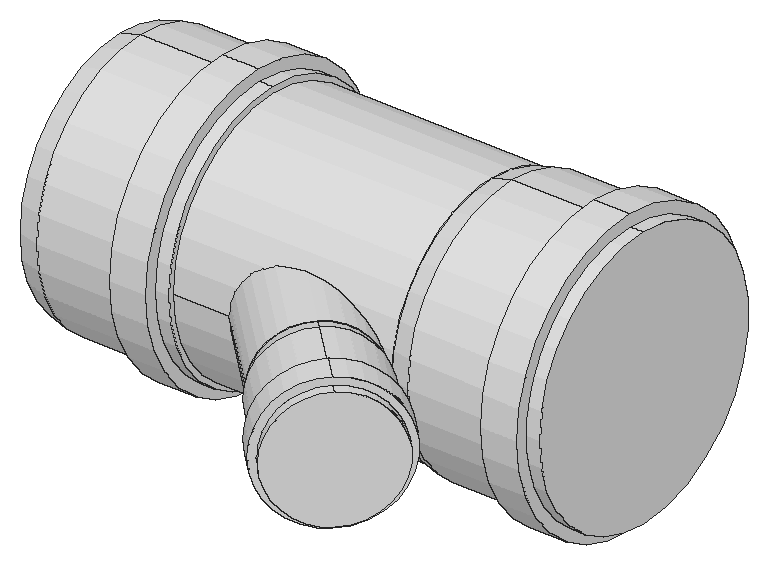
Revit family "Redi_Фитинг_ПВХ_Тройник.rfa", category Соединительные детали трубопроводов, Revit 2019
Family settings
  Размер круглого соединителя = Использовать диаметр
  Тип детали = Тройник
  На основе рабочей плоскости = Нет
  Всегда вертикально = Да
  При загрузке вырезать с полостями = Нет
  Общий = Нет
Parameters (values of type "Redi")
  Усиленный [instance] = no
  Угол [instance] = 45.00°
  Типовой = no
  Раструб Длина [instance] = size_lookup(Поиск в таблице имен, "LR1", ADSK_Диаметр условный * 2, ADSK_Диаметр условный, Диаметр условный 1, ADSK_Угол)  # 55.6 mm
  Раструб Видимость 1.2 [instance] = and(not(Угол > 90.00°), Раструб Подводящий)  # yes
  Раструб Видимость 2.2 [instance] = and(Угол > 90.00°, Раструб Подводящий)  # no
  Поиск в таблице имен 4 = "Redi_Фитинг_ПВХ_Тройник"
  Поиск в таблице имен 3 = "Redi_Фитинг_ПВХ_Тройник"
  Поиск в таблице имен 2 = "Redi_Фитинг_ПВХ_Тройник"
  Поиск в таблице имен = "Redi_Фитинг_ПВХ_Тройник"
  Размер засечки 2 [instance] = 50 mm  # constant formula
  Размер засечки 1 [instance] = 50 mm  # constant formula
  Раструб Подводящий [instance] = yes
  Description = ""
  Наименование [instance] = size_lookup(Поиск в таблице имен 4, "ADSK_Наименование", "Решение не найдено", ADSK_Диаметр условный, Диаметр условный 1, ADSK_Угол)  # "Тройник 45°, DN110х50"
  Материал = 05 Пластик ПВХ Белый
  Assembly Code = ""
  Manufacturer = ""
  Раструб Видимость 2.1 [instance] = Угол > 90.00°  # no
  Раструб Видимость 1.1 [instance] = not(Угол > 90.00°)  # yes
  Z3 [instance] = if(Угол > 90.00°, if(Раструб Подводящий, size_lookup(Поиск в таблице имен, "z1", ADSK_Диаметр условный * 2, ADSK_Диаметр условный, Диаметр условный 1, ADSK_Угол), size_lookup(Поиск в таблице имен, "z1", ADSK_Диаметр условный * 2, ADSK_Диаметр условный, Диаметр условный 1, ADSK_Угол) + Раструб Длина), size_lookup(Поиск в таблице имен, "z3", ADSK_Диаметр условный * 2, ADSK_Диаметр условный, Диаметр условный 1, ADSK_Угол))  # 91 mm
  Z2 [instance] = size_lookup(Поиск в таблице имен, "z2", ADSK_Диаметр условный * 2, ADSK_Диаметр условный, Диаметр условный 1, ADSK_Угол)  # 104 mm
  Z1 [instance] = if(Угол > 90.00°, size_lookup(Поиск в таблице имен, "z3", ADSK_Диаметр условный * 2, ADSK_Диаметр условный, Диаметр условный 1, ADSK_Угол), if(Раструб Подводящий, size_lookup(Поиск в таблице имен, "z1", ADSK_Диаметр условный * 2, ADSK_Диаметр условный, Диаметр условный 1, ADSK_Угол), size_lookup(Поиск в таблице имен, "z1", ADSK_Диаметр условный * 2, ADSK_Диаметр условный, Диаметр условный 1, ADSK_Угол) + Раструб Длина))  # 5 mm
  URL = ""
  Диаметр условный 1 [instance] = 50 mm
  ADSK_Угол [instance] = if(or(Угол < 57.50°, Угол > 122.50°), 45.00°, if(or(Угол < 79.00°, Угол > 101.00°), 67.30°, 87.30°))  # 45.00°
  ADSK_Наименование краткое = "Тр."
  ADSK_Наименование [instance] = size_lookup(Поиск в таблице имен 4, "ADSK_Наименование", "Решение не найдено", ADSK_Диаметр условный, Диаметр условный 1, ADSK_Угол)  # "Тройник 45°, DN110х50"
  ADSK_Масса_Текст [instance] = ""
  ADSK_Масса [instance] = 0
  ADSK_Марка = ""
  ADSK_Код изделия [instance] = size_lookup(Поиск в таблице имен 4, "ADSK_Код изделия", "Решение не найдено", ADSK_Диаметр условный, Диаметр условный 1, ADSK_Угол)  # "0313155"
  ADSK_Завод-изготовитель = "Redi"  # constant formula
  ADSK_Единица измерения = "шт."  # constant formula
  ADSK_Диаметр условный [instance] = 110 mm
Reference planes
  plane 1 "По центру (Вперед/Назад)": y = 0
  plane 2: z = 0
  plane 3 "По центру (Влево/Вправо)": x = 0
  plane 4: x = -5
  plane 5: x = 91
Forms (mm)
  Sweep 1, solid, material "05 Пластик ПВХ Белый" <- "Материал", detail levels fine
    path in 3D
      loop
        line (91, 0, 0) -> (-5, 0, 0)
    profile origin (43, 0, 0) x (0, -1, 0) y (0, 0, 1)
      loop
        circle (0, 0) r 55
  Sweep 2, solid, material "05 Пластик ПВХ Белый" <- "Материал", detail levels fine
    path in 3D
      loop
        line (0, 0, 0) -> (73.539, -73.539, 0)
    profile origin (36.77, -36.77, 0) x (0.707107, 0.707107, 0) y (0, 0, 1)
      loop
        circle (0, 0) r 25
Cuts and joins
  joined: Sweep 1, Sweep 2
Lines and regions (mm)
  reference lines
    curve 1: line (0, 0, 0) -> (73.539, -73.539, 0)
    curve 3: line (91, 0, 0) -> (-5, 0, 0)
  sketch lines
    curve 2: line (0, 0, 0) -> (73.539, -73.539, 0)
    curve 4: line (91, 0, 0) -> (-5, 0, 0)
Dimensions and locks
  "Z2": curve 1 to curve 1
  "Z1": plane 4 to plane 3 "По центру (Влево/Вправо)"
  "Z3": plane 3 "По центру (Влево/Вправо)" to plane 5
  "ADSK_Диаметр условный": diameter of Sweep 1 sketch curve
  "Диаметр условный 1": diameter of Sweep 2 sketch curve
  "Угол": angle curve 1 to plane 1 "По центру (Вперед/Назад)"
  "Угол": angle nested 5 to plane 1 "По центру (Вперед/Назад)"
  aligned and locked: level to plane 2
  aligned and locked: plane 1 "По центру (Вперед/Назад)" to curve 1
  aligned and locked: plane 5 to nested 1
  aligned and locked: plane 1 "По центру (Вперед/Назад)" to nested 1
  aligned and locked: plane 4 to nested 2
  aligned and locked: plane 1 "По центру (Вперед/Назад)" to nested 2
  aligned and locked: nested 3 to plane 4
  aligned and locked: nested 4 to plane 5
  aligned and locked: curve 1 to nested 5
  aligned and locked: nested 5 to cut or joined group of Sweep 1, Sweep 2
  aligned and locked: plane 3 "По центру (Влево/Вправо)" to nested 6
  aligned and locked: plane 4 to nested 6
  aligned and locked: plane 5 to nested 6
Automatic sketch dimensions
  curve 3 to plane 4 = 0 mm
  curve 1 to plane 3 "По центру (Влево/Вправо)" = 0 mm
  curve 3 to plane 5 = 0 mm
  Sweep 1 sketch curve to profile plane = 0 mm  (x2)
  Sweep 2 sketch curve to profile plane = 0 mm  (x2)
Nested families
  nested 1: "Фитинг_ПП_Раструб(Влож)" at (91, 0, 0), ADSK_Диаметр условный <- "ADSK_Диаметр условный", visible <- "Раструб Видимость 1.1", Видимость <- "Раструб Видимость 1.1", type "Фитинг_ПП_Раструб(Влож)", detail levels fine
    with Толщина Стенки 2 1.5 mm, Толщина Стенки 1 2.4 mm, Длина 67 mm, Диаметр Наружный Трубного Кольца 124.4 mm, Диаметр Наружный 114.8 mm, Видимость yes, C 22 mm, B 6 mm, ADSK_Диаметр условный 110 mm, A 36 mm
  nested 2: "Фитинг_ПП_Раструб(Влож)" at (-72, 0, 0), ADSK_Диаметр условный <- "ADSK_Диаметр условный", visible <- "Раструб Видимость 1.2", Видимость <- "Раструб Видимость 1.2", type "Фитинг_ПП_Раструб(Влож)", detail levels fine
    with Толщина Стенки 2 1.5 mm, Толщина Стенки 1 2.4 mm, Длина 67 mm, Диаметр Наружный Трубного Кольца 124.4 mm, Диаметр Наружный 114.8 mm, Видимость yes, C 22 mm, B 6 mm, ADSK_Диаметр условный 110 mm, A 36 mm
  nested 3: "Фитинг_ПП_Раструб(Влож)" at (-5, 0, 0) x (-1, 0, 0) z (0, 0, 1), visible <- "Раструб Видимость 2.1", ADSK_Диаметр условный <- "ADSK_Диаметр условный", Видимость <- "Раструб Видимость 2.1", type "Фитинг_ПП_Раструб(Влож)", detail levels fine
    with Толщина Стенки 2 1.5 mm, Толщина Стенки 1 2.4 mm, Длина 67 mm, Диаметр Наружный Трубного Кольца 124.4 mm, Диаметр Наружный 114.8 mm, Видимость no, C 22 mm, B 6 mm, ADSK_Диаметр условный 110 mm, A 36 mm
  nested 4: "Фитинг_ПП_Раструб(Влож)" at (158, 0, 0) x (-1, 0, 0) z (0, 0, 1), visible <- "Раструб Видимость 2.2", ADSK_Диаметр условный <- "ADSK_Диаметр условный", Видимость <- "Раструб Видимость 2.2", type "Фитинг_ПП_Раструб(Влож)", detail levels fine
    with Толщина Стенки 2 1.5 mm, Толщина Стенки 1 2.4 mm, Длина 67 mm, Диаметр Наружный Трубного Кольца 124.4 mm, Диаметр Наружный 114.8 mm, Видимость no, C 22 mm, B 6 mm, ADSK_Диаметр условный 110 mm, A 36 mm
  nested 5: "Фитинг_ПП_Раструб(Влож)" at (73.539, -73.539, 0) x (0.7071, -0.7071, 0) z (0, 0, 1), ADSK_Диаметр условный <- "Диаметр условный 1", type "Фитинг_ПП_Раструб(Влож)", detail levels fine
    with Толщина Стенки 2 1 mm, Толщина Стенки 1 1.6 mm, Длина 53 mm, Диаметр Наружный Трубного Кольца 59.6 mm, Диаметр Наружный 53.2 mm, Видимость yes, C 18 mm, B 5 mm, ADSK_Диаметр условный 50 mm, A 28 mm
  nested 6: "CISP_УГО_Тройник" at (0, 0, 0), Угол <- "Угол", L3 <- "Z2", D1 <- "Размер засечки 1", D2 <- "Размер засечки 1", D3 <- "Размер засечки 2", type "CISP_УГО_Тройник", detail levels coarse+medium
    with Угол 45.00°, L3 104 mm, L2 91 mm, L1 5 mm, D3 50 mm, D2 50 mm, D1 50 mm
Connectors
  piping at (-5, 0, 0), diameter 110, driven by "ADSK_Диаметр условный"
    settings: on plane 4, index 1, connector inside diameter 609.6 mm, connector length 0 mm, flow factor 0, pipe flow 0.0 L/s, pressure drop 0.0 Pa, fitting loss kfactor 0, connector angle 0.00°, fixture units 0, engagement length 0 mm, angle of deflection 0.00°, flow configuration 0, flow direction 0, fitting loss method 0, system type 28, joint type 0, gender type 0, connector reference index 2, connector utility 0, adjustable connector no, is connector primary yes, connector description ""
  piping at (91, 0, 0), diameter 110, driven by "ADSK_Диаметр условный"
    settings: on plane 5, index 2, connector inside diameter 609.6 mm, connector length 0 mm, flow factor 0, pipe flow 0.0 L/s, pressure drop 0.0 Pa, fitting loss kfactor 0, connector angle 0.00°, fixture units 0, engagement length 0 mm, angle of deflection 0.00°, flow configuration 0, flow direction 0, fitting loss method 0, system type 28, joint type 0, gender type 0, connector reference index 1, connector utility 0, adjustable connector no, is connector primary no, connector description ""
  piping at (73.539, -73.539, 0), diameter 50, driven by "Диаметр условный 1", driven by "Угол"
    settings: on curve 1, index 3, connector inside diameter 609.6 mm, connector length 0 mm, flow factor 0, pipe flow 0.0 L/s, pressure drop 0.0 Pa, fitting loss kfactor 0, connector angle 45.00°, fixture units 0, engagement length 0 mm, angle of deflection 0.00°, flow configuration 0, flow direction 0, fitting loss method 0, system type 28, joint type 0, gender type 0, connector reference index -1, connector utility 0, adjustable connector no, is connector primary no, connector description ""
Definition of nested family "Фитинг_ПП_Раструб(Влож)"
  Parameters (values of type "CISP_Фитинг_ПП_Раструб")
    Толщина Стенки 2 [instance] = size_lookup(Поиск в таблице имен, "e3", 1 mm, ADSK_Диаметр условный)  # 1.5 mm
    Толщина Стенки 1 [instance] = size_lookup(Поиск в таблице имен, "e2", 1 mm, ADSK_Диаметр условный)  # 2.4 mm
    Поиск в таблице имен = "CISP_Фитинг_ПП_Раструб"
    Материал = none
    Длина [instance] = A + C + A / 4  # 67 mm
    Диаметр Наружный Трубного Кольца [instance] = ADSK_Диаметр условный + 2 * Толщина Стенки 1 + 4 * Толщина Стенки 1  # 124.4 mm
    Диаметр Наружный [instance] = ADSK_Диаметр условный + 2 * Толщина Стенки 1  # 114.8 mm
    Видимость [instance] = yes
    C [instance] = size_lookup(Поиск в таблице имен, "C", 1 mm, ADSK_Диаметр условный)  # 22 mm
    B [instance] = size_lookup(Поиск в таблице имен, "B", 1 mm, ADSK_Диаметр условный)  # 6 mm
    ADSK_Диаметр условный [instance] = 110 mm
    A [instance] = size_lookup(Поиск в таблице имен, "A", 1 mm, ADSK_Диаметр условный)  # 36 mm
  Reference planes
    plane 1 "По центру (Вперед/Назад)": y = 0
    plane 2: z = 0
    plane 3 "По центру (Влево/Вправо)": x = 0
    plane 4: x = 67
    plane 5: z = 57.4
    plane 6: z = -57.4
    plane 7: x = 45
    plane 8: x = 61
    plane 9: x = 9
    plane 10: z = 62.2
    plane 11: z = -62.2
    plane 12: z = 55
    plane 13: z = -55
  Forms (mm)
    Sweep 1, solid, material <- "Материал", visible <- "Видимость"
      path origin (0, 0, 0) x (1, 0, 0) y (0, 0, 1)
        loop
          line (9, 0) -> (67, 0)
      profile origin (38, 0, 0) x (0, 0, 1) y (0, -1, 0)
        loop
          circle (0, 0) r 57.4
    SweptBlend 2, solid, material <- "Материал", visible <- "Видимость"
      path origin (0, 0, 0) x (1, 0, 0) y (0, 0, 1)
        loop
          line (0, 0) -> (9, 0)
      profile origin (0, 0, 0) x (0, 0, 1) y (0, -1, 0)
        loop
          circle (0, 0) r 55
      end profile origin (9, 0, 0) x (0, 0, 1) y (0, -1, 0)
        loop
          circle (0, 0) r 57.4
    Sweep 3, solid, material <- "Материал", visible <- "Видимость"
      path origin (0, 0, 0) x (1, 0, 0) y (0, 0, 1)
        loop
          line (45, 0) -> (61, 0)
      profile origin (53, 0, 0) x (0, 0, 1) y (0, -1, 0)
        loop
          circle (0, 0) r 62.2
  Cuts and joins
    joined: Sweep 1, SweptBlend 2, Sweep 3
  Dimensions and locks
    "Длина": plane 4 to plane 3 "По центру (Влево/Вправо)"
    equal spacing: plane 5, level, plane 6
    "Диаметр Наружный": plane 5 to plane 6
    "C": plane 4 to plane 7
    "A": plane 7 to plane 9
    "B": plane 4 to plane 8
    equal spacing: plane 12, level, plane 13
    "ADSK_Диаметр условный": plane 12 to plane 13
    equal spacing: plane 10, level, plane 11
    "Диаметр Наружный Трубного Кольца": plane 10 to plane 11
    "Диаметр Наружный": diameter of Sweep 1 sketch curve
    "ADSK_Диаметр условный": diameter of SweptBlend 2 sketch curve
    "Диаметр Наружный": diameter of SweptBlend 2 sketch curve
    "Диаметр Наружный Трубного Кольца": diameter of Sweep 3 sketch curve
    aligned and locked: level to plane 2
    aligned and locked: plane 9 to Sweep 1 sketch curve
    aligned and locked: Sweep 1 sketch curve to plane 2
    aligned and locked: plane 4 to Sweep 1 sketch curve
    aligned and locked: plane 3 "По центру (Влево/Вправо)" to SweptBlend 2 sketch curve
    aligned and locked: plane 9 to SweptBlend 2 sketch curve
    aligned and locked: SweptBlend 2 sketch curve to level
    aligned and locked: plane 7 to Sweep 3 sketch curve
    aligned and locked: plane 8 to Sweep 3 sketch curve
    aligned and locked: Sweep 3 sketch curve to plane 2
  Automatic sketch dimensions
    Sweep 1 sketch curve to plane 1 "По центру (Вперед/Назад)" = 0 mm
    profile plane to Sweep 1 sketch curve = 0 mm
    SweptBlend 2 sketch curve to plane 1 "По центру (Вперед/Назад)" = 0 mm  (x2)
    profile plane to SweptBlend 2 sketch curve = 0 mm  (x2)
    Sweep 3 sketch curve to plane 1 "По центру (Вперед/Назад)" = 0 mm
    profile plane to Sweep 3 sketch curve = 0 mm
Definition of nested family "CISP_УГО_Тройник"
  Parameters (values of type "CISP_УГО_Тройник")
    Угол [instance] = 80.00°
    L3 [instance] = 120 mm
    L2 [instance] = 150 mm
    L1 [instance] = 100 mm
    D3 [instance] = 55 mm
    D2 [instance] = 90 mm
    D1 [instance] = 120 mm
  Reference planes
    plane 1 "По центру (Вперед/Назад)": y = 0
    plane 2: z = 0
    plane 3 "По центру (Влево/Вправо)": x = 0
    plane 4: x = -100
    plane 5: x = 150
    plane 6: y = 60
    plane 7: y = -60
    plane 8: y = 45
    plane 9: y = -45
  Lines and regions (mm)
    reference lines
      curve 1: line (0, 0, 0) -> (20.838, -118.177, 0)
    model lines
      curve 2: line (-100, 0, 0) -> (150, 0, 0)
      curve 3: line (0, 0, 0) -> (20.838, -118.177, 0)
      curve 4: line (150, 45, 0) -> (150, -45, 0)
      curve 5: line (-100, 60, 0) -> (-100, -60, 0)
      curve 6: line (-6.244, -122.952, 0) -> (47.92, -113.402, 0)
  Dimensions and locks
    "L3": curve 1 to curve 1
    "L1": plane 4 to plane 3 "По центру (Влево/Вправо)"
    "L2": plane 3 "По центру (Влево/Вправо)" to plane 5
    "L3": curve 3 to curve 3
    equal spacing: plane 6, plane 1 "По центру (Вперед/Назад)", plane 7
    "D1": plane 6 to plane 7
    equal spacing: plane 8, plane 1 "По центру (Вперед/Назад)", plane 9
    "D2": plane 8 to plane 9
    equal spacing: curve 6, curve 3, curve 6
    "D3": curve 6 to curve 6
    locked: curve 3 to curve 1 at 0
    "Угол": angle curve 1 to plane 1 "По центру (Вперед/Назад)"
    "Угол": angle curve 3 to plane 1 "По центру (Вперед/Назад)"
    locked: curve 6 to curve 1 (angle 90.00°)
    aligned and locked: level to plane 2
    aligned and locked: plane 3 "По центру (Влево/Вправо)" to curve 1
    aligned and locked: plane 1 "По центру (Вперед/Назад)" to curve 1
    aligned and locked: plane 4 to curve 2
    aligned and locked: plane 1 "По центру (Вперед/Назад)" to curve 2
    aligned and locked: plane 8 to curve 4
    aligned and locked: plane 9 to curve 4
    aligned and locked: curve 4 to plane 5
    aligned and locked: curve 5 to plane 4
    aligned and locked: curve 6 to curve 1
  Automatic sketch dimensions
    curve 5 to plane 7 = 0 mm
    curve 5 to plane 6 = 0 mm
